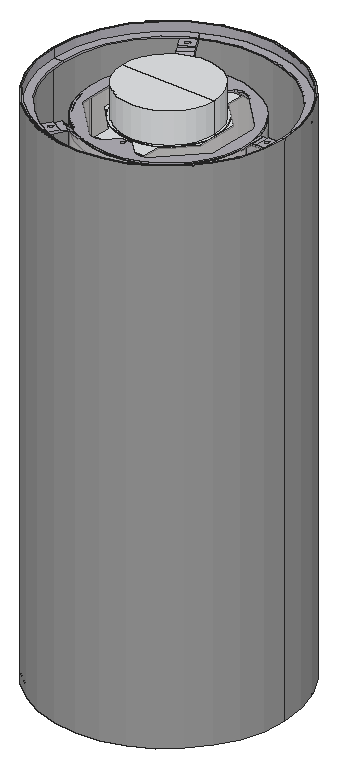
Revit family "Lighting - Lumetta - Pendant - SM2091", category Lighting Fixtures, host Ceiling, Revit 2015
Parameters
  Wattage = 11.7117 W
  built-in parameter 1150110 = 1 (stored number, unit not read)
  URL = "https://lumetta.com/luminaires/shadow-cylinder-27-pendant/"
  Type Comments = ""
  built-in parameter 1114217 = 1 (stored number, unit not read)
  built-in parameter 1150109 = 1 (stored number, unit not read)
  built-in parameter 1150134 = (empty or 0)
  built-in parameter 1150113 = 1 (stored number, unit not read)
  P2048 URL [instance] = "https://lumetta.com/luminaires/shadow-cylinder-27-pendant/"
  Light Source Symbol Size = 0' - 1"
  Diffuser Outer Material [instance] = Shade - Lumetta - D921 - Trans_Cool
  Model = "P2091"  # constant formula
  Manufacturer = "Lumetta, Inc."  # constant formula
  Lumens = 1300 lm
  built-in parameter 1150115 = 1 (stored number, unit not read)
  built-in parameter 1150105 = 103.45 (stored number, unit not read)
  built-in parameter 1150137 = (empty or 0)
  built-in parameter 1150139 = (empty or 0)
  built-in parameter 1150112 = 1 (stored number, unit not read)
  built-in parameter 1150114 = 1 (stored number, unit not read)
  built-in parameter 1150132 = 1
  built-in parameter 1150102 = (empty or 0)
  built-in parameter 1150138 = (empty or 0)
  built-in parameter 1150107 = 3000 (stored number, unit not read)
  built-in parameter 1150106 = 1.0345 (stored number, unit not read)
  Frame Finish [instance] = Paint - Lumetta - F02 - PC_Chrome
  built-in parameter 1150104 = 10.312 (stored number, unit not read)
  Dimming Lamp Color Temperature Shift = (empty or 0)
  Diffuser Inner Material [instance] = Shade - Lumetta - D61 - MT_White
  Description = "Shadow Cylinder 27'' Pendant"  # constant formula
  Bottom Lens-Material [instance] = Acrylic - P95 - Etched White
  Bottom Lens (Inner Core) [instance] = yes
  Color Filter = 16777215
  built-in parameter 1114218 = 1 (stored number, unit not read)
  built-in parameter 1150133 = 10 (stored number, unit not read)
Reference planes (in)
  plane 1 "Light Source Axis (F/B)": y = 0
  plane 2 "Ceiling": z = 96
  plane 3 "Light Source Axis (L/R)": x = 0
  plane 4 "Light Source Elevation": z = 92
  plane 5 "Fixture- Inner Top": z = 94.5
  plane 6 "Fixture-Inner Radius": x = 4
  plane 7 "Fixture-Inner Height": z = 74.5
  plane 8: through (0, 0, 0) normal (-0.5, -0.866, 0)
  plane 9: y = 0
  plane 10: through (0, 0, 0) normal (0.5, -0.866, 0)
  plane 11 "Plane-120": through (-2, 3.4641, 0) normal (0.5, -0.866, 0)
  plane 12 "Plane-240": through (-64.35383, 32.5359, 0) normal (0.5, 0.866, 0)
  plane 13 "Fixture-Outer Radius": x = 6
  plane 14 "Fixture- Outer Top": z = 95.5
  plane 15 "Fixture-Outer Height": z = 68.5
Forms (in)
  Extrusion 1, void
    sketch origin (0, 0, 95.4375) x (0, -1, 0) y (1, 0, 0)
      loop
        circle (0, 0) r 0.25
    from 0 to 0.06358
  Revolve 2, solid, material "Paint - Lumetta - F02 - PC_Chrome" <- "Frame Finish"
    sketch origin (0, 0, 0) x (1, 0, 0) y (0, 0, 1)
      loop
        line (4, 94.43522) -> (4, 94) -> (3.9375, 94) -> (3.9375, 94.4375) -> (4, 94.4375)
      loop
        line (4, 75) -> (3.9375, 75) -> (3.9375, 74.5625) -> (3.5, 74.5625) -> (3.5, 74.5) -> (4, 74.5) -> (4, 75)
      axis (0, 94.4375) -> (0, 74.5)
    angle from 0 to 360
  Revolve 3, solid, material "Shade - Lumetta - D61 - MT_White" <- "Diffuser Inner Material"
    sketch origin (0, 0, 0) x (1, 0, 0) y (0, 0, 1)
      loop
        line (4, 94.43522) -> (4, 74.49709) -> (4.06242, 74.49709) -> (4.06242, 94.43522) -> (4, 94.43522)
      axis (0, 94.43522) -> (0, 74.49709)
    angle from 0 to 360
  Revolve 4, solid, material "Paint - Lumetta - F11 - PC_White"
    sketch origin (0, 0, 0) x (1, 0, 0) y (0, 0, 1)
      loop
        line (0, 96) -> (0, 94.3775) -> (2.5, 94.3775) -> (2.5, 94.4375) -> (2.375, 94.4375) -> (2.375, 96) -> (0, 96)
      axis (0, 96) -> (0, 94.3775)
    angle from 0 to 360
  Extrusion 5, solid, material "Paint - Lumetta - F02 - PC_Chrome" <- "Frame Finish"
    sketch origin (0, 0, 23.5) x (0, -1, 0) y (1, 0, 0)
      loop
        line (-0.375, 5.925) -> (-0.375, 4.8625) -> (0.375, 4.8625) -> (0.375, 5.925) -> (-0.375, 5.925)
      loop
        circle (0, 5.1125) r 0.11051
      loop
        line (-4.9437, -3.28726) -> (-4.02355, -2.75601) -> (-4.39855, -2.10649) -> (-5.3187, -2.63774) -> (-4.9437, -3.28726)
      loop
        circle (-4.42755, -2.55625) r 0.11051
      loop
        line (5.3187, -2.63774) -> (4.39855, -2.10649) -> (4.02355, -2.75601) -> (4.9437, -3.28726) -> (5.3187, -2.63774)
      loop
        circle (4.42755, -2.55625) r 0.11051
    from 71.5 to 71.43825
  Extrusion 6, solid, material "Acrylic - P95 - Etched White" <- "Bottom Lens-Material", visible <- "Bottom Lens (Inner Core)"
    sketch origin (0, 0, 74.5) x (0, -1, 0) y (1, 0, 0)
      loop
        circle (0, 0) r 3.84375
    from 0.0625 to 0.11254
  Revolve 7, solid, material "Paint - Lumetta - F02 - PC_Chrome" <- "Frame Finish"
    sketch origin (0, 0, 0) x (1, 0, 0) y (0, 0, 1)
      loop
        line (6, 95.5) -> (5.9375, 95.5) -> (5.9375, 95.0625) -> (5.5, 95.0625) -> (5.5, 95) -> (6, 95) -> (6, 95.5)
      loop
        line (6, 68.5) -> (6, 69) -> (5.9375, 69) -> (5.9375, 68.5625) -> (5.5, 68.5625) -> (5.5, 68.5) -> (6, 68.5)
      axis (0, 95.5) -> (0, 68.5)
    angle from 0 to 360
  Revolve 8, solid, material "Shade - Lumetta - D921 - Trans_Cool" <- "Diffuser Outer Material"
    sketch origin (0, 0, 0) x (1, 0, 0) y (0, 0, 1)
      loop
        line (6, 95.5) -> (6, 68.5) -> (6.03313, 68.5) -> (6.03313, 95.5) -> (6, 95.5)
      axis (0, 68.5) -> (0, 95.5)
    angle from 0 to 360
  Extrusion 9, solid, material "Paint - Lumetta - F02 - PC_Chrome" <- "Frame Finish"
    sketch origin (0.009, 0, 23.5) x (0, -1, 0) y (1, 0, 0)
      loop
        circle (0, -0.009) r 4
      loop
        line (-1.18165, -3.384) -> (1.18165, -3.384)
        arc (1.18165, -3.384) -> (1.38495, -3.34356) -> (1.5573, -3.2284) r 0.53125
        line (1.5573, -3.2284) -> (3.23314, -1.55256)
        arc (3.23314, -1.55256) -> (3.38874, -1.17847) -> (3.23534, -0.80347) r 0.53125
        line (3.23534, -0.80347) -> (2.69504, -0.2568) -> (2.69797, 0.24319) -> (3.24558, 0.78442)
        arc (3.24558, 0.78442) -> (3.40338, 1.1607) -> (3.24779, 1.53791) r 0.53125
        line (3.24779, 1.53791) -> (1.5573, 3.2284)
        arc (1.5573, 3.2284) -> (1.38495, 3.34356) -> (1.18165, 3.384) r 0.53125
        line (1.18165, 3.384) -> (-1.18165, 3.384)
        arc (-1.18165, 3.384) -> (-1.38495, 3.34356) -> (-1.5573, 3.2284) r 0.53125
        line (-1.5573, 3.2284) -> (-3.24495, 1.54075)
        arc (-3.24495, 1.54075) -> (-3.40055, 1.1651) -> (-3.24495, 0.78945) r 0.53125
        line (-3.24495, 0.78945) -> (-2.6965, 0.241) -> (-2.6965, -0.259) -> (-3.23595, -0.79845)
        arc (-3.23595, -0.79845) -> (-3.39155, -1.1741) -> (-3.23595, -1.54975) r 0.53125
        line (-3.23595, -1.54975) -> (-1.5573, -3.2284)
        arc (-1.5573, -3.2284) -> (-1.38495, -3.34356) -> (-1.18165, -3.384) r 0.53125
      loop
        circle (-2.9465, -0.009) r 0.10938
      loop
        circle (2.9465, -0.00827) r 0.10938
    from 71 to 70.93522
  Extrusion 10, solid, material "Paint - Lumetta - F02 - PC_Chrome" <- "Frame Finish"
    sketch origin (0, 0, 0) x (1, 0, 0) y (0, 0, 1)
      loop
        line (5.363, 94.93825) -> (4.49685, 94.93825) -> (4.05859, 94.5) -> (3.9375, 94.5) -> (3.9375, 94.43522) -> (4.08594, 94.43522) -> (4.52647, 94.87575) -> (5.363, 94.87575) -> (5.363, 94.93825)
    from -0.375 to 0.375
  Extrusion 11, solid, material "Paint - Lumetta - F02 - PC_Chrome" <- "Frame Finish"
    sketch origin (0, 0, 0) x (-0.5, 0.866025, 0) y (0, 0, 1)
      loop
        line (5.363, 94.93825) -> (4.49685, 94.93825) -> (4.05859, 94.5) -> (3.9375, 94.5) -> (3.9375, 94.43522) -> (4.08594, 94.43522) -> (4.52647, 94.87575) -> (5.363, 94.87575) -> (5.363, 94.93825)
    from -0.375 to 0.375
  Extrusion 12, solid, material "Paint - Lumetta - F02 - PC_Chrome" <- "Frame Finish"
    sketch origin (0, 0, 0) x (-0.5, -0.866025, 0) y (0, 0, 1)
      loop
        line (5.363, 94.93825) -> (4.49685, 94.93825) -> (4.05859, 94.5) -> (3.9375, 94.5) -> (3.9375, 94.43522) -> (4.08594, 94.43522) -> (4.52647, 94.87575) -> (5.363, 94.87575) -> (5.363, 94.93825)
    from -0.375 to 0.375
  Extrusion 13, solid, material "Paint - Lumetta - F11 - PC_White"
    sketch origin (0, 0, 94.5) x (0, -1, 0) y (1, 0, 0)
      loop
        line (-3.1875, -1.25) -> (-2.28553, -1.25) -> (-1.03553, -2.5) -> (1.03553, -2.5) -> (2.28553, -1.25) -> (3.1875, -1.25) -> (3.1875, 1.25) -> (2.28553, 1.25) -> (1.03553, 2.5) -> (-1.03553, 2.5) -> (-2.28553, 1.25) -> (-3.1875, 1.25) -> (-3.1875, -1.25)
      loop
        circle (0, 0) r 0.34375
      loop
        circle (-2.9375, 0) r 0.10938
      loop
        circle (2.9375, 0) r 0.10938
    from -0.0625 to -0.11693
Cuts and joins
  joined: Extrusion 5, Extrusion 9, Extrusion 10, Extrusion 11, Extrusion 12
Dimensions and locks (in)
  equal spacing: host sketch curve, plane 3 "Light Source Axis (L/R)", host sketch curve
  equal spacing: host sketch curve, plane 1 "Light Source Axis (F/B)", host sketch curve
  host sketch curve to host sketch curve = 10' - 0"  (x2)
  locked: plane 5 "Fixture- Inner Top" to plane 4 "Light Source Elevation" at 2.5
  plane 6 "Fixture-Inner Radius" to plane 3 "Light Source Axis (L/R)" = 0' - 4"  (x2)
  locked: plane 5 "Fixture- Inner Top" to plane 7 "Fixture-Inner Height" at 20
  locked: Revolve 3 sketch curve to plane 6 "Fixture-Inner Radius" at 0.06242
  locked: Revolve 2 to Revolve 3 at 0.06541
  locked: Revolve 2 sketch curve to plane 7 "Fixture-Inner Height" at 0.5
  locked: plane 6 "Fixture-Inner Radius" to Revolve 2 sketch curve at 0.0625  (x2)
  plane 10 to plane 11 "Plane-120" = 0' - 4"
  plane 12 "Plane-240" to plane 8 = 0' - 4"
  locked: Extrusion 6 to plane 7 "Fixture-Inner Height" at 0.11254
  locked: plane 13 "Fixture-Outer Radius" to plane 3 "Light Source Axis (L/R)" at 6
  locked: plane 2 "Ceiling" to plane 14 "Fixture- Outer Top" at 0.5
  locked: plane 14 "Fixture- Outer Top" to plane 5 "Fixture- Inner Top" at 1
  locked: plane 14 "Fixture- Outer Top" to plane 15 "Fixture-Outer Height" at 27
  locked: Revolve 7 sketch curve to plane 15 "Fixture-Outer Height" at 0
  locked: Revolve 7 sketch curve to plane 13 "Fixture-Outer Radius" at 0  (x2)
  locked: Revolve 8 sketch curve to plane 13 "Fixture-Outer Radius" at 0
  locked: plane 13 "Fixture-Outer Radius" to Revolve 8 sketch curve at 0.03313
  locked: Revolve 8 sketch curve to plane 14 "Fixture- Outer Top" at 0
  locked: Revolve 8 sketch curve to plane 15 "Fixture-Outer Height" at 0
  locked: Revolve 7 sketch curve to Revolve 7 sketch curve at 0.5  (x4)
  locked: Revolve 7 sketch curve to Revolve 7 sketch curve at 0.0625  (x4)
  locked: Extrusion 5 sketch curve to plane 9 at 0.375  (x2)
  locked: plane 6 "Fixture-Inner Radius" to Revolve 2 sketch curve at 0.5
  Extrusion 5 to plane 5 "Fixture- Inner Top" = 0' - 0.43825"
  plane 5 "Fixture- Inner Top" to Extrusion 9 = 0' - 0.06478"
  locked: Extrusion 9 to Extrusion 9 at 0.06478
  Extrusion 5 to Extrusion 5 = 0' - 0.06175"
  locked: Revolve 7 sketch curve to plane 14 "Fixture- Outer Top" at 0
  plane 5 "Fixture- Inner Top" to Revolve 3 = 0' - 0.06478"  (x2)
  plane 14 "Fixture- Outer Top" to Extrusion 9 = 0' - 1"
  locked: Revolve 2 sketch curve to plane 6 "Fixture-Inner Radius"
  locked: Extrusion 9 to plane 5 "Fixture- Inner Top"
  Extrusion 9 to Revolve 3 = 0' - 0"
  locked: Extrusion 5 sketch curve to plane 13 "Fixture-Outer Radius" at 0.075
  locked: Extrusion 5 sketch curve to Extrusion 5 sketch curve at 1.0625  (x3)
  locked: Extrusion 5 sketch curve to Extrusion 5 sketch curve at 0.25  (x3)
  locked: plane 14 "Fixture- Outer Top" to Extrusion 5 at 0.5
  locked: Extrusion 5 to Extrusion 5 at 0.06175
  locked: Extrusion 9 sketch curve to plane 3 "Light Source Axis (L/R)" at 3.375
  plane 3 "Light Source Axis (L/R)" to Extrusion 9 sketch curve = 0' - 0 1/4"
  Extrusion 9 sketch curve to plane 3 "Light Source Axis (L/R)" = 0' - 0 1/4"
  locked: Extrusion 9 sketch curve to plane 9 at 2.6965
  locked: Extrusion 9 sketch curve to Extrusion 9 sketch curve at 0.25  (x2)
  locked: plane 5 "Fixture- Inner Top" to Revolve 2 sketch curve at 0.0625
  locked: plane 3 "Light Source Axis (L/R)" to Extrusion 9 sketch curve
  locked: Extrusion 9 sketch curve to plane 9 at 0
  locked: Extrusion 10 sketch curve to plane 13 "Fixture-Outer Radius" at 0.637
  locked: Extrusion 10 sketch curve to Extrusion 10 sketch curve at 1.4255
  Extrusion 10 sketch curve to plane 6 "Fixture-Inner Radius" = 0' - 0 11/128"
  locked: Extrusion 10 sketch curve to plane 6 "Fixture-Inner Radius" at 0.05859
  locked: Extrusion 10 sketch curve to plane 6 "Fixture-Inner Radius" at 0.08594
  locked: Extrusion 10 sketch curve to plane 5 "Fixture- Inner Top" at 0
  locked: Extrusion 10 sketch curve to Extrusion 10 sketch curve at 0.06478
  locked: Extrusion 10 to plane 9 at 0.375
  locked: plane 9 to Extrusion 10 at 0.375
  plane 6 "Fixture-Inner Radius" to Extrusion 10 = 0' - 1.363"
  locked: Extrusion 11 sketch curve to Extrusion 11 sketch curve at 1.4255
  locked: Extrusion 11 sketch curve to Extrusion 11 sketch curve at 0.06478
  locked: Extrusion 12 sketch curve to Extrusion 12 sketch curve at 1.4255
  locked: Extrusion 12 sketch curve to Extrusion 12 sketch curve at 0.06478
  locked: plane 5 "Fixture- Inner Top" to Revolve 3 at 0.06478
  locked: plane 5 "Fixture- Inner Top" to Extrusion 13 at 0.0625
  locked: Extrusion 13 to Extrusion 13 at 0.05443
  locked: Revolve 4 sketch curve to Revolve 4 sketch curve at 0.06
  locked: Revolve 4 sketch curve to Revolve 4 sketch curve at 2.375
  locked: Revolve 4 sketch curve to Revolve 4 sketch curve at 0.125
  locked: plane 2 "Ceiling" to Revolve 4 sketch curve at 1.5625
  locked: plane 3 "Light Source Axis (L/R)" to Extrusion 13 sketch curve at 2.5
  locked: Extrusion 13 sketch curve to plane 3 "Light Source Axis (L/R)" at 2.5
  locked: plane 9 to Extrusion 13 sketch curve at 3.1875  (x2)
  locked: Extrusion 13 sketch curve to plane 9 at 2.9375
  locked: plane 9 to Extrusion 13 sketch curve at 2.9375
  radius of Extrusion 6 sketch curve = 0' - 3 27/32"
  locked: Extrusion 9 sketch curve to Extrusion 9 sketch curve (angle 45.00°)  (x2)
  locked: Extrusion 10 sketch curve to Extrusion 10 sketch curve (angle 45.00°)  (x2)
  locked: Extrusion 11 sketch curve to Extrusion 11 sketch curve (angle 45.00°)  (x2)
  locked: Extrusion 12 sketch curve to Extrusion 12 sketch curve (angle 45.00°)  (x2)
  aligned and locked: plane 3 "Light Source Axis (L/R)" to imposter light
  aligned and locked: plane 1 "Light Source Axis (F/B)" to imposter light
  aligned and locked: plane 4 "Light Source Elevation" to imposter light
  aligned and locked: Extrusion 6 to Revolve 2
